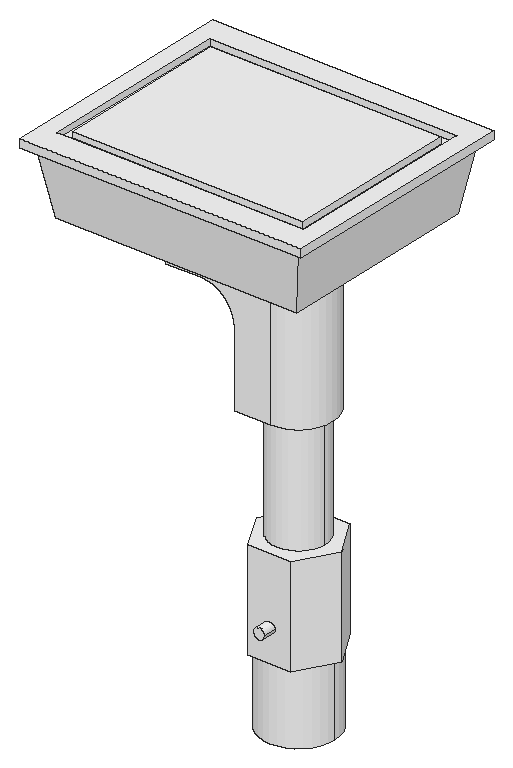
Revit family "HY-6000", category Plumbing Fixtures, host Face, Revit 2026
Family settings
  Host = Face
  Round Connector Dimension = Use Diameter
  Part Type = Normal
  Classification Number = 23.45.55.21
  Enable Cutting in Views = No
  Cut with Voids When Loaded = No
  Maintain Annotation Orientation = No
  Shared = No
  Room Calculation Point = No
Parameters (values of type "MHY-60-1")
  WFU = 0
  URL = "www.mifab.com"
  Model = "MHY-60"
  Manufacturer = "MIFAB"
  Hydrant Material = Chrome Plated
  Description = "Lawn / Ground Hydrant"
  Default Elevation = 0.000"
  Bury Depth = 12.000"
Types (11): name | URL | Description | Bury Depth
  (no name) | "www.mifab.com" | "Lawn / Ground Hydrant" | 12.000"
  MHY-60-1 | "www.mifab.com" | "Lawn / Ground Hydrant" | 12.000"
  MHY-60-2 | "WWW.MIFAB.COM" | "LAWN / GROUND HYDRANT" | 24.000"
  MHY-60-3 | "WWW.MIFAB.COM" | "LAWN / GROUND HYDRANT" | 36.000"
  MHY-60-4 | "WWW.MIFAB.COM" | "LAWN / GROUND HYDRANT" | 48.000"
  MHY-60-5 | "WWW.MIFAB.COM" | "LAWN / GROUND HYDRANT" | 60.000"
  MHY-60-6 | "WWW.MIFAB.COM" | "LAWN / GROUND HYDRANT" | 72.000"
  MHY-60-7 | "WWW.MIFAB.COM" | "LAWN / GROUND HYDRANT" | 84.000"
  MHY-60-8 | "WWW.MIFAB.COM" | "LAWN / GROUND HYDRANT" | 96.000"
  MHY-60-9 | "WWW.MIFAB.COM" | "LAWN / GROUND HYDRANT" | 108.000"
  MHY-60-10 | "WWW.MIFAB.COM" | "LAWN / GROUND HYDRANT" | 120.000"
Reference planes (in)
  plane 1 "Center (Front/Back)": y = 0
  plane 2: z = 0
  plane 3 "Center (Left/Right)": x = 0
  plane 4: z = -8
  plane 5: z = -12
  plane 6: z = -0.2
  plane 7: z = -1.95
  plane 8: z = -5.364
  plane 9: x = 0.966
Forms (in)
  Extrusion 1, solid, material "Chrome Plated" <- "Hydrant Material"
    sketch origin (-0.41379, 0, -10.36788) x (1, 0, 0) y (0, 1, 0)
      loop
        circle (1.38, 0) r 0.625
    from 2.36788 to 5.00388
  Extrusion 2, solid, material "Chrome Plated" <- "Hydrant Material"
    sketch origin (-0.41379, 0, -18.00514) x (1, 0, 0) y (0, 1, 0)
      loop
        line (-1.62512, 0.95206) -> (-1.62512, -0.95974) -> (2.64683, -0.95974) -> (2.64683, 0.95206) -> (-1.62512, 0.95206)
    from 16.05514 to 16.30514
  Extrusion 3, solid, material "Chrome Plated" <- "Hydrant Material"
    sketch origin (-0.41379, 0, -18.00514) x (1, 0, 0) y (0, 1, 0)
      loop
        arc (1.38, -0.8125) -> (2.1925, 0) -> (1.38, 0.8125) r 0.8125
        line (1.38, 0.8125) -> (1.38, -0.8125)
    from 12.64114 to 16.05514
  Extrusion 4, solid, material "Chrome Plated" <- "Hydrant Material"
    sketch origin (-0.41379, 0, -18.00514) x (1, 0, 0) y (0, 0, 1)
      loop
        line (-1.398, 16.05514) -> (-1.398, 15.83003) -> (-1.055, 15.78703) -> (-1.055, 15.1529) -> (-0.24047, 15.1529)
        arc (-0.24047, 15.1529) -> (0.31997, 14.92075) -> (0.55211, 14.36031) r 0.79258
        line (0.55211, 14.36031) -> (0.55211, 12.64114) -> (1.38, 12.64114) -> (1.38, 16.05514) -> (-1.398, 16.05514)
    from -0.8125 to 0.8125
  Extrusion 5, solid
    sketch origin (-0.41379, 0, -18.00514) x (1, 0, 0) y (0, 1, 0)
      loop
        circle (-0.38412, 0) r 0.739
    from 16.30514 to 16.37894
  Extrusion 6, solid
    sketch origin (-0.41379, 0, -18.00514) x (1, 0, 0) y (0, 1, 0)
      loop
        circle (-0.38412, 0) r 0.70723
    from 16.37894 to 16.74065
  Extrusion 7, solid
    sketch origin (-0.41379, 0, -18.00514) x (1, 0, 0) y (0, 1, 0)
      loop
        circle (-0.38412, 0) r 0.444
    from 16.74065 to 17.43692
  Extrusion 8, solid
    sketch origin (-0.41379, 0, -18.00514) x (1, 0, 0) y (0, 1, 0)
      loop
        line (0.7505, 0) -> (1.06525, -0.54516) -> (1.69475, -0.54516) -> (2.0095, 0) -> (1.69475, 0.54516) -> (1.06525, 0.54516) -> (0.7505, 0)
    from 16.30514 to 16.74065
  Extrusion 9, solid
    sketch origin (1.35033, 0, -18.00514) x (1, 0, 0) y (0, 1, 0)
      loop
        circle (-0.38412, 0) r 0.444
    from 16.74065 to 17.3299
  Extrusion 10, solid, material "Chrome Plated" <- "Hydrant Material"
    sketch origin (-0.61086, 0, -10.36788) x (1, 0, 0) y (0, 1, 0)
      loop
        line (-2.46414, 2.60866) -> (-2.46414, -2.60866) -> (3.68586, -2.60866) -> (3.68586, 2.60866) -> (-2.46414, 2.60866)
    from 10.16788 to 8.66788
  Extrusion 11, solid, material "Chrome Plated" <- "Hydrant Material"
    sketch origin (-0.41379, 0, -10.36788) x (1, 0, 0) y (0, 1, 0)
      loop
        line (-2.86121, 2.80866) -> (-2.86121, -2.80866) -> (3.68879, -2.80866) -> (3.68879, 2.80866) -> (-2.86121, 2.80866)
    from 10.16788 to 10.36788
  Extrusion 12, void
    sketch origin (-0.41379, 0, -10.36788) x (1, 0, 0) y (0, 0, 1)
      loop
        line (3.48879, 10.16788) -> (3.2243, 8.66788) -> (3.48879, 8.66788) -> (3.48879, 10.16788)
      loop
        line (-2.66121, 10.16788) -> (-2.66121, 8.66788) -> (-2.39672, 8.66788) -> (-2.66121, 10.16788)
    from -2.60866 to 2.60866
  Extrusion 13, void
    sketch origin (-0.41379, 0, -10.36788) x (0, 1, 0) y (0, 0, 1)
      loop
        line (2.60866, 10.16788) -> (2.34417, 8.66788) -> (2.60866, 8.66788) -> (2.60866, 10.16788)
      loop
        line (-2.60866, 10.16788) -> (-2.60866, 8.66788) -> (-2.34417, 8.66788) -> (-2.60866, 10.16788)
    from -2.66121 to 3.48879
  Revolve 14, solid, material "Chrome Plated" <- "Hydrant Material"
    sketch origin (0, 0, 0) x (1, 0, 0) y (0, 0, 1)
      loop
        line (0.98038, -8) -> (0.13816, -8) -> (0.13816, -12) -> (0.98038, -12) -> (0.98038, -8)
      axis (0.98038, -8) -> (0.98038, -12)
    angle from 0 to 360
  Extrusion 15, solid, material "Chrome Plated" <- "Hydrant Material"
    sketch origin (-8.22916, -180, -8) x (0, -1, 0) y (-1, 0, 0)
      loop
        line (-180.88671, -9.69718) -> (-179.96366, -10.2301) -> (-179.10612, -9.735) -> (-179.10612, -8.73898) -> (-180, -8.2229) -> (-180.88671, -8.73484) -> (-180.88671, -9.69718)
    from 0 to 2.29542
  Extrusion 16, solid, material "Chrome Plated" <- "Hydrant Material"
    sketch origin (0, 0, 0) x (1, 0, 0) y (0, 0, 1)
      loop
        circle (1.00783, -9.54542) r 0.125
    from 0 to 1.18836
  Extrusion 17, void
    sketch origin (0, 0, 0) x (1, 0, 0) y (0, 1, 0)
      loop
        line (-2.88203, 2.22009) -> (-2.88203, -2.22009) -> (2.88203, -2.22009) -> (2.88203, 2.22009) -> (-2.88203, 2.22009)
      loop
        line (-2.68203, 2.02009) -> (-2.68203, -2.02009) -> (2.68203, -2.02009) -> (2.68203, 2.02009) -> (-2.68203, 2.02009)
    from 0 to -0.13364
Cuts and joins
  Extrusion 17 cuts Extrusion 1
  Extrusion 17 cuts Extrusion 2
  Extrusion 17 cuts Extrusion 3
  Extrusion 17 cuts Extrusion 4
  Extrusion 12, Extrusion 13, Extrusion 17 cuts Extrusion 10
  Extrusion 17 cuts Extrusion 11
  Extrusion 17 cuts Revolve 14
  Extrusion 17 cuts Extrusion 15
  Extrusion 17 cuts Extrusion 16
  joined: Extrusion 1, Extrusion 2, Extrusion 3, Extrusion 4, Extrusion 10, Extrusion 11, Revolve 14, Extrusion 15, Extrusion 16
Lines and regions (in)
  symbolic lines, style "PlumbingFixtures"
    curve 1: line (-3.38528, 2.8125, 0) -> (3.36472, 2.8125, 0)
    curve 2: line (-3.38528, -2.8125, 0) -> (-3.38528, 2.8125, 0)
    curve 3: line (3.36472, -2.8125, 0) -> (-3.38528, -2.8125, 0)
    curve 4: line (3.36472, 2.8125, 0) -> (3.36472, -2.8125, 0)
Dimensions and locks (in)
  locked: Extrusion 11 sketch curve to Extrusion 11 sketch curve at 5.61731
  locked: Extrusion 11 sketch curve to Extrusion 11 sketch curve at 6.55
  locked: Extrusion 11 to Extrusion 11 at 0.2
  Extrusion 11 sketch curve to Extrusion 11 sketch curve = 5.61731"
  locked: plane 4 to plane 5 at 4
  locked: plane 7 to plane 8 at 3.414
  locked: plane 6 to plane 8 at 5.164
  curve 2 to curve 4 = 6.750"  (x2)
  curve 4 to curve 2 = 6.750"
  plane 3 "Center (Left/Right)" to plane 9 = 0.966"
  "Bury Depth": level to plane 5
  aligned and locked: plane 2 to host face
  aligned and locked: level to host face
  aligned and locked: Extrusion 4 to Extrusion 1
  aligned and locked: Extrusion 2 to Extrusion 10
  aligned and locked: Extrusion 11 to Extrusion 10
  aligned and locked: Extrusion 12 to Extrusion 10
  aligned and locked: Extrusion 13 to Extrusion 10  (x2)
  aligned and locked: Extrusion 3 to Extrusion 1
  aligned and locked: Extrusion 4 to Extrusion 3
  aligned and locked: Extrusion 4 to Extrusion 2
  aligned and locked: Extrusion 13 to Extrusion 2
  aligned and locked: Extrusion 13 to Extrusion 5
  aligned and locked: Extrusion 3 to Extrusion 2
  aligned and locked: Extrusion 3 to Extrusion 4
  aligned and locked: Extrusion 11 to plane 6
  aligned and locked: Extrusion 13 to Extrusion 8
  aligned and locked: Extrusion 2 to Extrusion 5
  aligned and locked: Extrusion 8 to Extrusion 2
  aligned and locked: Extrusion 5 to Extrusion 8
  aligned and locked: Extrusion 6 to Extrusion 5
  aligned and locked: Extrusion 6 to Extrusion 7
  aligned and locked: Extrusion 7 to Extrusion 8
  aligned and locked: Extrusion 6 to Extrusion 9
  aligned and locked: Extrusion 8 to Extrusion 6
  aligned and locked: plane 6 to Extrusion 11
  aligned and locked: level to Extrusion 11
  aligned and locked: Extrusion 1 to plane 4
  aligned and locked: plane 7 to Extrusion 2
  aligned and locked: Extrusion 3 to plane 8
  aligned and locked: host face to Extrusion 11
  aligned and locked: plane 5 to Revolve 14 sketch curve
  aligned and locked: Extrusion 16 to plane 1 "Center (Front/Back)"
Automatic sketch dimensions
  curve 1 to plane 3 "Center (Left/Right)" = 3.38528"
  plane 1 "Center (Front/Back)" to curve 4 = 2.8125"
  curve 1 to plane 1 "Center (Front/Back)" = 2.8125"
  host sketch curve to host sketch curve = 20.58785"
  host sketch curve to host sketch curve = 16.42037"
  plane 1 "Center (Front/Back)" to Extrusion 1 sketch curve = 0.000"
  plane 3 "Center (Left/Right)" to Extrusion 1 sketch curve = 0.96621"
  Extrusion 2 sketch curve to plane 1 "Center (Front/Back)" = 0.95206"
  Extrusion 2 sketch curve to plane 3 "Center (Left/Right)" = 2.03891"
  plane 1 "Center (Front/Back)" to Extrusion 2 sketch curve = 0.95974"
  plane 3 "Center (Left/Right)" to Extrusion 2 sketch curve = 2.23304"
  plane 3 "Center (Left/Right)" to Extrusion 3 sketch curve = 0.96621"
  plane 1 "Center (Front/Back)" to Extrusion 3 sketch curve = 0.8125"
  plane 1 "Center (Front/Back)" to Extrusion 3 sketch curve = 0.000"
  Extrusion 4 sketch curve to plane 7 = 0.000"
  Extrusion 4 sketch curve to plane 8 = 0.000"
  Extrusion 4 sketch curve to plane 3 "Center (Left/Right)" = 1.81179"
  plane 3 "Center (Left/Right)" to Extrusion 4 sketch curve = 0.13832"
  Extrusion 4 sketch curve to plane 7 = 1.69483"
  Extrusion 4 sketch curve to Extrusion 4 sketch curve = 0.343"
  Extrusion 4 sketch curve to plane 3 "Center (Left/Right)" = 0.65426"
  plane 3 "Center (Left/Right)" to Extrusion 4 sketch curve = 0.96621"
  Extrusion 4 sketch curve to plane 7 = 0.26811"
  Extrusion 4 sketch curve to plane 7 = 0.22511"
  plane 1 "Center (Front/Back)" to Extrusion 5 sketch curve = 0.000"
  Extrusion 5 sketch curve to plane 3 "Center (Left/Right)" = 0.79791"
  plane 1 "Center (Front/Back)" to Extrusion 6 sketch curve = 0.000"
  Extrusion 6 sketch curve to plane 3 "Center (Left/Right)" = 0.79791"
  plane 1 "Center (Front/Back)" to Extrusion 7 sketch curve = 0.000"
  Extrusion 7 sketch curve to plane 3 "Center (Left/Right)" = 0.79791"
  plane 1 "Center (Front/Back)" to Extrusion 8 sketch curve = 0.000"  (x2)
  plane 3 "Center (Left/Right)" to Extrusion 8 sketch curve = 0.33671"
  plane 1 "Center (Front/Back)" to Extrusion 8 sketch curve = 0.54516"
  Extrusion 8 sketch curve to Extrusion 8 sketch curve = 0.31475"  (x3)
  Extrusion 8 sketch curve to plane 1 "Center (Front/Back)" = 0.54516"
  Extrusion 8 sketch curve to Extrusion 8 sketch curve = 0.6295"  (x2)
  plane 1 "Center (Front/Back)" to Extrusion 9 sketch curve = 0.000"
  plane 3 "Center (Left/Right)" to Extrusion 9 sketch curve = 0.96621"
  Extrusion 10 sketch curve to plane 3 "Center (Left/Right)" = 3.075"
  plane 1 "Center (Front/Back)" to Extrusion 10 sketch curve = 2.60866"
  plane 3 "Center (Left/Right)" to Extrusion 10 sketch curve = 3.075"
  Extrusion 10 sketch curve to plane 1 "Center (Front/Back)" = 2.60866"
  Extrusion 11 sketch curve to plane 3 "Center (Left/Right)" = 3.275"
  plane 1 "Center (Front/Back)" to Extrusion 11 sketch curve = 2.80866"
  Extrusion 12 sketch curve to plane 6 = 0.000"  (x2)
  Extrusion 12 sketch curve to plane 3 "Center (Left/Right)" = 3.075"
  plane 7 to Extrusion 12 sketch curve = 0.250"  (x2)
  Extrusion 12 sketch curve to Extrusion 12 sketch curve = 0.26449"  (x2)
  plane 3 "Center (Left/Right)" to Extrusion 12 sketch curve = 2.81051"
  Extrusion 13 sketch curve to plane 6 = 0.000"  (x2)
  plane 1 "Center (Front/Back)" to Extrusion 13 sketch curve = 2.60866"
  plane 7 to Extrusion 13 sketch curve = 0.250"  (x2)
  Extrusion 13 sketch curve to Extrusion 13 sketch curve = 0.26449"  (x2)
  Extrusion 13 sketch curve to plane 1 "Center (Front/Back)" = 2.34417"
  plane 1 "Center (Front/Back)" to Extrusion 15 sketch curve = 0.000"
  Extrusion 15 sketch curve to plane 3 "Center (Left/Right)" = 0.00626"
  Extrusion 15 sketch curve to plane 1 "Center (Front/Back)" = 0.88671"
  plane 1 "Center (Front/Back)" to Extrusion 15 sketch curve = 0.03634"
  plane 1 "Center (Front/Back)" to Extrusion 15 sketch curve = 0.89388"
  Extrusion 15 sketch curve to plane 9 = 0.46032"
  Extrusion 15 sketch curve to plane 9 = 0.45618"
  plane 9 to Extrusion 15 sketch curve = 0.50202"
  plane 9 to Extrusion 15 sketch curve = 0.53985"
  Extrusion 15 sketch curve to Extrusion 15 sketch curve = 0.4951"
  Revolve 14 sketch curve to plane 4 = 0.000"  (x2)
  plane 3 "Center (Left/Right)" to Revolve 14 sketch curve = 0.13816"
  Revolve 14 sketch curve to Revolve 14 sketch curve = 0.84223"
  Revolve 14 sketch curve to Revolve 14 sketch curve = 0.000"
  Revolve 14 sketch curve to Revolve 14 sketch curve = 1.739"
  plane 3 "Center (Left/Right)" to Extrusion 16 sketch curve = 1.00783"
  Extrusion 16 sketch curve to plane 4 = 1.54542"
  Extrusion 17 sketch curve to plane 3 "Center (Left/Right)" = 2.88203"
  plane 1 "Center (Front/Back)" to Extrusion 17 sketch curve = 2.22009"
  Extrusion 17 sketch curve to Extrusion 17 sketch curve = 0.200"  (x4)
  plane 3 "Center (Left/Right)" to Extrusion 17 sketch curve = 2.68203"
  Extrusion 17 sketch curve to plane 1 "Center (Front/Back)" = 2.02009"
  radius of Extrusion 1 sketch curve = 0.625"
  radius of Extrusion 5 sketch curve = 0.739"
  radius of Extrusion 6 sketch curve = 0.70723"
  radius of Extrusion 7 sketch curve = 0.444"
  radius of Extrusion 9 sketch curve = 0.444"
  radius of Extrusion 16 sketch curve = 0.125"
Connectors (in)
  piping at (0.98038, 0, -12), diameter 1
    settings: on cut or joined group of Extrusion 1, Extrusion 2, Extrusion 3, Extrusion 4, Extrusion 10, Extrusion 11, Extrusion 12, Extrusion 13, Revolve 14, Extrusion 15, Extrusion 16, Extrusion 17, index 1, connector inside diameter 1", connector length 0.000", flow factor 0, pipe flow 0 GPM, pressure drop 0.00 psi, fitting loss kfactor 0, connector angle 0.00°, fixture units 0, engagement length 0.000", angle of deflection 0.00°, flow configuration 0, flow direction 0, fitting loss method 0, system type 7, joint type 0, gender type 0, connector reference index -1, connector utility 0, adjustable connector no, is connector primary yes, connector description "Inlet"
  piping at (0.96621, 0, -0.67524), diameter 0.75
    settings: on Extrusion 9, index 2, connector inside diameter 3/4", connector length 0.000", flow factor 0, pipe flow 0 GPM, pressure drop 0.00 psi, fitting loss kfactor 0, connector angle 0.00°, fixture units 0, engagement length 0.000", angle of deflection 0.00°, flow configuration 0, flow direction 0, fitting loss method 0, system type 7, joint type 0, gender type 0, connector reference index -1, connector utility 0, adjustable connector no, is connector primary no, connector description "Male Hose"
